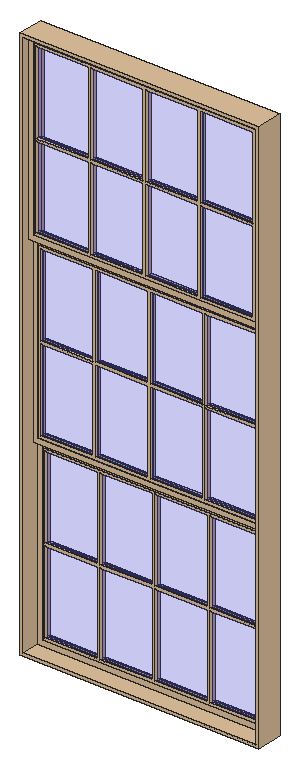
Revit family
Parameters (values of type "72" x 168"")
  Quarter Mullion = (Frame Width Int. - 0' 3 3/4") / 4  # 1' - 3 13/16"
  Mullion Thickness = 0' - 0 3/4"
  Mid Mullion = (Frame Height Int. - 0' 2 1/4") / 2  # 2' - 0 7/8"
  Frame Width Int. = (Width - 0' 5")  # 5' - 7"
  Frame Thickness = 0' - 1 3/4"
  Frame Height Int. = (Height - 1' 0") / 3  # 4' - 4"
  Assembly Code = "B2020100"
  Description = ""
  Glass Pane Material = Glass
  Height = 14' - 0"
  Sash Material = Sash
  Default Sill Height = 0' - 0"
  Wall Closure = (empty or 0)
  Width = 6' - 0"
  Window Inset = 0' - 0 3/4"
Types (4): name | Quarter Mullion | Mid Mullion | Frame Width Int. | Frame Height Int. | Height | Width
  (no name) | 1' - 3 13/16" | 2' - 0 7/8" | 5' - 7" | 4' - 4" | 14' - 0" | 6' - 0"
  72" x 168" | 1' - 3 13/16" | 2' - 0 7/8" | 5' - 7" | 4' - 4" | 14' - 0" | 6' - 0"
  96" x 192" | 1' - 9 13/16" | 2' - 4 7/8" | 7' - 7" | 5' - 0" | 16' - 0" | 8' - 0"
  48" x 120" | 0' - 9 13/16" | 1' - 8 7/8" | 3' - 7" | 3' - 8" | 12' - 0" | 4' - 0"
Reference planes (in)
  plane 1: y = 0
  plane 2: z = -0.5
  plane 3 "Center": x = 0
  plane 4 "Left": x = -36
  plane 5 "Right": x = 36
  plane 6 "Sill": z = -0.5
  plane 7 "Top": z = 168
  plane 8: y = 4
  plane 9: y = -4
  plane 10: y = 3.25
  plane 11: z = 0.75
  plane 12 "Closure": y = 0.375
  plane 13: z = 111.75
  plane 14: z = 56.25
  plane 15: z = 167.25
  plane 16: z = 0.75
  plane 17: z = 165.5
  plane 18: z = 164.75
  plane 19: z = 139.875
  plane 20: z = 139.125
  plane 21: z = 114.25
  plane 22: z = 113.5
  plane 23: z = 110
  plane 24: z = 109.25
  plane 25: z = 84.375
  plane 26: z = 83.625
  plane 27: z = 58.75
  plane 28: z = 58
  plane 29: z = 54.5
  plane 30: z = 53.75
  plane 31: z = 28.875
  plane 32: z = 28.125
  plane 33: z = 3.25
  plane 34: z = 2.5
  plane 35: x = 33.5
  plane 36: x = 32.75
  plane 37: x = 16.9375
  plane 38: x = 16.1875
  plane 39: x = 0.375
  plane 40: x = -0.375
  plane 41: x = -16.1875
  plane 42: x = -16.9375
  plane 43: x = -32.75
  plane 44: x = -33.5
  plane 45: z = 165.5
  plane 46: x = -35.25
  plane 47: x = 35.25
Forms (in)
  Extrusion 1, solid, material "Sash" <- "Sash Material"
    sketch origin (0, 0, 0) x (1, 0, 0) y (0, 0, 1)
      loop
        line (-36, 168) -> (-36, 0) -> (36, 0) -> (36, 168) -> (-36, 168)
      loop
        line (-35.25, 167.25) -> (-35.25, 0.75) -> (35.25, 0.75) -> (35.25, 167.25) -> (-35.25, 167.25)
    from -4 to 4
  Extrusion 2, solid, material "Glass" <- "Glass Pane Material"
    sketch origin (-4.9201, -3.5, 47.07393) x (1, 0, 0) y (0, 0, 1)
      loop
        line (-28.5799, 118.42607) -> (-28.5799, 66.42607) -> (38.4201, 66.42607) -> (38.4201, 118.42607) -> (-28.5799, 118.42607)
    from -2.625 to -2.125
  Extrusion 3, solid, material "Glass" <- "Glass Pane Material"
    sketch origin (-4.9201, 6.5, -25.14191) x (1, 0, 0) y (0, 0, -1)
      loop
        line (-28.5799, -135.14191) -> (38.4201, -135.14191) -> (38.4201, -83.14191) -> (-28.5799, -83.14191) -> (-28.5799, -135.14191)
    from -6.125 to -5.625
  Extrusion 4, solid, material "Glass" <- "Glass Pane Material"
    sketch origin (0, 3, 0) x (-1, 0, 0) y (0, 0, -1)
      loop
        line (-33.5, -2.5) -> (-33.5, -54.5) -> (33.5, -54.5) -> (33.5, -2.5) -> (-33.5, -2.5)
    from 0.375 to 0.875
  Extrusion 5, solid, material "Sash" <- "Sash Material"
    sketch origin (0, 6.875, -147.5342) x (-1, 0, 0) y (0, 0, 1)
      loop
        line (-33.5, 202.0342) -> (-33.5, 150.0342) -> (33.5, 150.0342) -> (33.5, 202.0342) -> (-33.5, 202.0342)
      loop
        line (-32.75, 201.2842) -> (-32.75, 176.4092) -> (-16.9375, 176.4092) -> (-16.9375, 201.2842) -> (-32.75, 201.2842)
      loop
        line (-32.75, 150.7842) -> (-16.9375, 150.7842) -> (-16.9375, 175.6592) -> (-32.75, 175.6592) -> (-32.75, 150.7842)
      loop
        line (32.75, 201.2842) -> (16.9375, 201.2842) -> (16.9375, 176.4092) -> (32.75, 176.4092) -> (32.75, 201.2842)
      loop
        line (32.75, 150.7842) -> (32.75, 175.6592) -> (16.9375, 175.6592) -> (16.9375, 150.7842) -> (32.75, 150.7842)
      loop
        line (-0.375, 150.7842) -> (-0.375, 175.6592) -> (-16.1875, 175.6592) -> (-16.1875, 150.7842) -> (-0.375, 150.7842)
      loop
        line (0.375, 150.7842) -> (16.1875, 150.7842) -> (16.1875, 175.6592) -> (0.375, 175.6592) -> (0.375, 150.7842)
      loop
        line (0.375, 201.2842) -> (0.375, 176.4092) -> (16.1875, 176.4092) -> (16.1875, 201.2842) -> (0.375, 201.2842)
      loop
        line (-16.1875, 201.2842) -> (-16.1875, 176.4092) -> (-0.375, 176.4092) -> (-0.375, 201.2842) -> (-16.1875, 201.2842)
    from -4.25 to -3.625
  Extrusion 6, solid, material "Sash" <- "Sash Material"
    sketch origin (0, 5.125, -92.0342) x (-1, 0, 0) y (0, 0, 1)
      loop
        line (-33.5, 202.0342) -> (-33.5, 150.0342) -> (33.5, 150.0342) -> (33.5, 202.0342) -> (-33.5, 202.0342)
      loop
        line (-32.75, 201.2842) -> (-32.75, 176.4092) -> (-16.9375, 176.4092) -> (-16.9375, 201.2842) -> (-32.75, 201.2842)
      loop
        line (-32.75, 150.7842) -> (-16.9375, 150.7842) -> (-16.9375, 175.6592) -> (-32.75, 175.6592) -> (-32.75, 150.7842)
      loop
        line (32.75, 201.2842) -> (16.9375, 201.2842) -> (16.9375, 176.4092) -> (32.75, 176.4092) -> (32.75, 201.2842)
      loop
        line (32.75, 150.7842) -> (32.75, 175.6592) -> (16.9375, 175.6592) -> (16.9375, 150.7842) -> (32.75, 150.7842)
      loop
        line (-0.375, 150.7842) -> (-0.375, 175.6592) -> (-16.1875, 175.6592) -> (-16.1875, 150.7842) -> (-0.375, 150.7842)
      loop
        line (0.375, 150.7842) -> (16.1875, 150.7842) -> (16.1875, 175.6592) -> (0.375, 175.6592) -> (0.375, 150.7842)
      loop
        line (0.375, 201.2842) -> (0.375, 176.4092) -> (16.1875, 176.4092) -> (16.1875, 201.2842) -> (0.375, 201.2842)
      loop
        line (-16.1875, 201.2842) -> (-16.1875, 176.4092) -> (-0.375, 176.4092) -> (-0.375, 201.2842) -> (-16.1875, 201.2842)
    from -4.25 to -3.625
  Extrusion 7, solid, material "Sash" <- "Sash Material"
    sketch origin (0, 3.375, -36.5342) x (-1, 0, 0) y (0, 0, 1)
      loop
        line (33.5, 202.0342) -> (-33.5, 202.0342) -> (-33.5, 150.0342) -> (33.5, 150.0342) -> (33.5, 202.0342)
      loop
        line (-16.9375, 201.2842) -> (-32.75, 201.2842) -> (-32.75, 176.4092) -> (-16.9375, 176.4092) -> (-16.9375, 201.2842)
      loop
        line (-0.375, 201.2842) -> (-16.1875, 201.2842) -> (-16.1875, 176.4092) -> (-0.375, 176.4092) -> (-0.375, 201.2842)
      loop
        line (0.375, 201.2842) -> (0.375, 176.4092) -> (16.1875, 176.4092) -> (16.1875, 201.2842) -> (0.375, 201.2842)
      loop
        line (16.9375, 201.2842) -> (16.9375, 176.4092) -> (32.75, 176.4092) -> (32.75, 201.2842) -> (16.9375, 201.2842)
      loop
        line (32.75, 175.6592) -> (16.9375, 175.6592) -> (16.9375, 150.7842) -> (32.75, 150.7842) -> (32.75, 175.6592)
      loop
        line (16.1875, 175.6592) -> (0.375, 175.6592) -> (0.375, 150.7842) -> (16.1875, 150.7842) -> (16.1875, 175.6592)
      loop
        line (-0.375, 175.6592) -> (-16.1875, 175.6592) -> (-16.1875, 150.7842) -> (-0.375, 150.7842) -> (-0.375, 175.6592)
      loop
        line (-16.9375, 175.6592) -> (-32.75, 175.6592) -> (-32.75, 150.7842) -> (-16.9375, 150.7842) -> (-16.9375, 175.6592)
    from -4.25 to -3.625
  Extrusion 8, solid, material "Sash" <- "Sash Material"
    sketch origin (0, -3.875, -92.0342) x (-1, 0, 0) y (0, 0, -1)
      loop
        line (-33.5, -202.0342) -> (33.5, -202.0342) -> (33.5, -150.0342) -> (-33.5, -150.0342) -> (-33.5, -202.0342)
      loop
        line (-32.75, -201.2842) -> (-16.9375, -201.2842) -> (-16.9375, -176.4092) -> (-32.75, -176.4092) -> (-32.75, -201.2842)
      loop
        line (-32.75, -150.7842) -> (-32.75, -175.6592) -> (-16.9375, -175.6592) -> (-16.9375, -150.7842) -> (-32.75, -150.7842)
      loop
        line (32.75, -201.2842) -> (32.75, -176.4092) -> (16.9375, -176.4092) -> (16.9375, -201.2842) -> (32.75, -201.2842)
      loop
        line (32.75, -150.7842) -> (16.9375, -150.7842) -> (16.9375, -175.6592) -> (32.75, -175.6592) -> (32.75, -150.7842)
      loop
        line (-0.375, -150.7842) -> (-16.1875, -150.7842) -> (-16.1875, -175.6592) -> (-0.375, -175.6592) -> (-0.375, -150.7842)
      loop
        line (0.375, -150.7842) -> (0.375, -175.6592) -> (16.1875, -175.6592) -> (16.1875, -150.7842) -> (0.375, -150.7842)
      loop
        line (0.375, -201.2842) -> (16.1875, -201.2842) -> (16.1875, -176.4092) -> (0.375, -176.4092) -> (0.375, -201.2842)
      loop
        line (-16.1875, -201.2842) -> (-0.375, -201.2842) -> (-0.375, -176.4092) -> (-16.1875, -176.4092) -> (-16.1875, -201.2842)
    from -4.25 to -3.625
  Extrusion 9, solid, material "Sash" <- "Sash Material"
    sketch origin (0, -2.125, -147.5342) x (-1, 0, 0) y (0, 0, -1)
      loop
        line (-33.5, -202.0342) -> (33.5, -202.0342) -> (33.5, -150.0342) -> (-33.5, -150.0342) -> (-33.5, -202.0342)
      loop
        line (-32.75, -201.2842) -> (-16.9375, -201.2842) -> (-16.9375, -176.4092) -> (-32.75, -176.4092) -> (-32.75, -201.2842)
      loop
        line (-32.75, -150.7842) -> (-32.75, -175.6592) -> (-16.9375, -175.6592) -> (-16.9375, -150.7842) -> (-32.75, -150.7842)
      loop
        line (32.75, -201.2842) -> (32.75, -176.4092) -> (16.9375, -176.4092) -> (16.9375, -201.2842) -> (32.75, -201.2842)
      loop
        line (32.75, -150.7842) -> (16.9375, -150.7842) -> (16.9375, -175.6592) -> (32.75, -175.6592) -> (32.75, -150.7842)
      loop
        line (-0.375, -150.7842) -> (-16.1875, -150.7842) -> (-16.1875, -175.6592) -> (-0.375, -175.6592) -> (-0.375, -150.7842)
      loop
        line (0.375, -150.7842) -> (0.375, -175.6592) -> (16.1875, -175.6592) -> (16.1875, -150.7842) -> (0.375, -150.7842)
      loop
        line (0.375, -201.2842) -> (16.1875, -201.2842) -> (16.1875, -176.4092) -> (0.375, -176.4092) -> (0.375, -201.2842)
      loop
        line (-16.1875, -201.2842) -> (-0.375, -201.2842) -> (-0.375, -176.4092) -> (-16.1875, -176.4092) -> (-16.1875, -201.2842)
    from -4.25 to -3.625
  Extrusion 10, solid, material "Sash" <- "Sash Material"
    sketch origin (0, -5.625, -36.5342) x (-1, 0, 0) y (0, 0, -1)
      loop
        line (33.5, -202.0342) -> (33.5, -150.0342) -> (-33.5, -150.0342) -> (-33.5, -202.0342) -> (33.5, -202.0342)
      loop
        line (-16.9375, -201.2842) -> (-16.9375, -176.4092) -> (-32.75, -176.4092) -> (-32.75, -201.2842) -> (-16.9375, -201.2842)
      loop
        line (-0.375, -201.2842) -> (-0.375, -176.4092) -> (-16.1875, -176.4092) -> (-16.1875, -201.2842) -> (-0.375, -201.2842)
      loop
        line (0.375, -201.2842) -> (16.1875, -201.2842) -> (16.1875, -176.4092) -> (0.375, -176.4092) -> (0.375, -201.2842)
      loop
        line (16.9375, -201.2842) -> (32.75, -201.2842) -> (32.75, -176.4092) -> (16.9375, -176.4092) -> (16.9375, -201.2842)
      loop
        line (32.75, -175.6592) -> (32.75, -150.7842) -> (16.9375, -150.7842) -> (16.9375, -175.6592) -> (32.75, -175.6592)
      loop
        line (16.1875, -175.6592) -> (16.1875, -150.7842) -> (0.375, -150.7842) -> (0.375, -175.6592) -> (16.1875, -175.6592)
      loop
        line (-0.375, -175.6592) -> (-0.375, -150.7842) -> (-16.1875, -150.7842) -> (-16.1875, -175.6592) -> (-0.375, -175.6592)
      loop
        line (-16.9375, -175.6592) -> (-16.9375, -150.7842) -> (-32.75, -150.7842) -> (-32.75, -175.6592) -> (-16.9375, -175.6592)
    from -4.25 to -3.625
  Extrusion 11, solid, material "Sash" <- "Sash Material"
    sketch origin (-60, 4, 0) x (-1, 0, 0) y (0, 0, 1)
      loop
        line (-95.25, 56.25) -> (-95.25, 0.75) -> (-24.75, 0.75) -> (-24.75, 56.25) -> (-95.25, 56.25)
      loop
        line (-93.5, 54.5) -> (-93.5, 2.5) -> (-26.5, 2.5) -> (-26.5, 54.5) -> (-93.5, 54.5)
    from -2.5 to -0.75
  Extrusion 12, solid, material "Sash" <- "Sash Material"
    sketch origin (-60, 4, 0) x (-1, 0, 0) y (0, 0, 1)
      loop
        line (-95.25, 111.75) -> (-95.25, 56.25) -> (-24.75, 56.25) -> (-24.75, 111.75) -> (-95.25, 111.75)
      loop
        line (-93.5, 110) -> (-93.5, 58) -> (-26.5, 58) -> (-26.5, 110) -> (-93.5, 110)
    from -4.25 to -2.5
  Extrusion 13, solid, material "Sash" <- "Sash Material"
    sketch origin (-60, 4, 0) x (-1, 0, 0) y (0, 0, 1)
      loop
        line (-95.25, 167.25) -> (-95.25, 111.75) -> (-24.75, 111.75) -> (-24.75, 167.25) -> (-95.25, 167.25)
      loop
        line (-93.5, 165.5) -> (-93.5, 113.5) -> (-26.5, 113.5) -> (-26.5, 165.5) -> (-93.5, 165.5)
    from -6 to -4.25
Lines and regions (in)
  Opening 1
    outline origin (-60, -4, 0) x (1, 0, 0) y (0, 0, 1)
      loop
        line (24, 168) -> (24, -0.5) -> (96, -0.5) -> (96, 168) -> (24, 168)
  symbolic lines, style "WindowsFrameMullionProjection"
    curve 1: line (-36, 4, 0) -> (-35.25, 4, 0)
    curve 2: line (-35.25, -4, 0) -> (-35.25, 4, 0)
    curve 3: line (-35.25, -4, 0) -> (-34.75, -4, 0)
    curve 4: line (-34.75, -4, 0) -> (-34.75, -4, 0)
    curve 5: line (36, 4, 0) -> (35.25, 4, 0)
    curve 6: line (34.75, -4, 0) -> (34.75, -4, 0)
    curve 7: line (34.75, -4, 0) -> (35.25, -4, 0)
    curve 8: line (35.25, -4, 0) -> (35.25, 4, 0)
    curve 9: line (-35.25, 1.5, 0) -> (-33.5, 1.5, 0)
    curve 10: line (-35.25, 1.5, 0) -> (-35.25, -4, 0)
    curve 11: line (-35.25, -4, 0) -> (-33.5, -4, 0)
    curve 12: line (-33.5, 1.5, 0) -> (-33.5, -4, 0)
    curve 13: line (35.25, 1.5, 0) -> (33.5, 1.5, 0)
    curve 14: line (35.25, 1.5, 0) -> (35.25, -4, 0)
    curve 15: line (35.25, -4, 0) -> (33.5, -4, 0)
    curve 16: line (33.5, 1.5, 0) -> (33.5, -4, 0)
    curve 18: line (-34.75, -4, 0) -> (-36, -4, 0)
    curve 19: line (34.75, -4, 0) -> (36, -4, 0)
  symbolic lines, style "WindowsGlassProjection"
    curve 17: line (-33.5, 0.625, 0) -> (33.5, 0.625, 0)
Text (in)
  text "EXTERIOR" at (-56.58296, 46.14847, 0), in view "Floor Line"
  text "INTERIOR" at (-58.6888, -38.28069, 0), in view "Floor Line"
  text "Exterior" at (0, 60.6435, 112.49765), in view "Left"
  text "Exterior" at (0, 18.29385, 125.04747), in view "Right"
Dimensions and locks (in)
  equal spacing: plane 4 "Left", plane 3 "Center", plane 5 "Right"
  "Width": plane 4 "Left" to plane 5 "Right"
  "Window Inset": plane 8 to plane 10
  locked: plane 11 to plane 6 "Sill" at 1.25
  locked: plane 10 to plane 12 "Closure" at 2.875
  locked: Extrusion 4 to Extrusion 4 at 0.5
  equal spacing: plane 16, plane 14, plane 13, plane 15
  "Mullion Thickness": plane 18 to plane 17
  "Mullion Thickness": plane 20 to plane 19
  "Mullion Thickness": plane 22 to plane 21
  "Mullion Thickness": plane 24 to plane 23
  "Mullion Thickness": plane 26 to plane 25
  "Mullion Thickness": plane 28 to plane 27
  "Mullion Thickness": plane 30 to plane 29
  "Mullion Thickness": plane 32 to plane 31
  "Mullion Thickness": plane 34 to plane 33
  "Mullion Thickness": plane 35 to plane 36
  "Mullion Thickness": plane 37 to plane 38
  "Mullion Thickness": plane 39 to plane 40
  "Mullion Thickness": plane 41 to plane 42
  "Mullion Thickness": plane 43 to plane 44
  "Frame Height Int.": plane 22 to plane 17
  "Frame Height Int.": plane 28 to plane 23
  "Mid Mullion": plane 27 to plane 26
  "Frame Thickness": plane 45 to plane 15
  "Frame Thickness": plane 47 to plane 35
  "Frame Thickness": plane 44 to plane 46
  "Frame Height Int.": plane 34 to plane 29
  "Mid Mullion": plane 21 to plane 20
  "Mid Mullion": plane 33 to plane 32
  "Quarter Mullion": plane 36 to plane 37
  "Quarter Mullion": plane 38 to plane 39
  "Quarter Mullion": plane 40 to plane 41
  "Frame Width Int.": plane 35 to plane 44
  equal spacing: plane 46, plane 3 "Center", plane 47
  "Frame Thickness": plane 13 to plane 22
  "Frame Thickness": plane 23 to plane 13
  "Frame Thickness": plane 14 to plane 28
  "Frame Thickness": plane 29 to plane 14
  "Frame Thickness": plane 11 to plane 34
  "Height": level to plane 7 "Top"
  aligned and locked: plane 7 "Top" to Opening 1 sketch curve
  aligned and locked: plane 6 "Sill" to Opening 1 sketch curve  (x2)
  aligned and locked: Opening 1 sketch curve to plane 5 "Right"
  aligned and locked: Opening 1 sketch curve to plane 4 "Left"
  aligned and locked: plane 9 to host wall
  aligned and locked: host wall to plane 8
  aligned and locked: host wall to Extrusion 1
  aligned and locked: curve 5 to Extrusion 1  (x2)
  aligned and locked: Extrusion 1 to curve 11
  aligned and locked: Extrusion 1 to curve 7
  aligned and locked: plane 18 to Extrusion 7 sketch curve  (x2)
  aligned and locked: Extrusion 7 sketch curve to plane 18
  aligned and locked: Extrusion 7 sketch curve to Extrusion 7 sketch curve
  aligned and locked: Extrusion 7 sketch curve to plane 19  (x4)
  aligned and locked: plane 20 to Extrusion 7 sketch curve  (x4)
  aligned and locked: Extrusion 7 sketch curve to plane 21  (x4)
  aligned and locked: plane 36 to Extrusion 7 sketch curve  (x2)
  aligned and locked: plane 37 to Extrusion 7 sketch curve
  aligned and locked: Extrusion 7 sketch curve to plane 37
  aligned and locked: plane 38 to Extrusion 7 sketch curve  (x2)
  aligned and locked: plane 39 to Extrusion 7 sketch curve  (x2)
  aligned and locked: plane 40 to Extrusion 7 sketch curve
  aligned and locked: Extrusion 7 sketch curve to plane 40
  aligned and locked: plane 41 to Extrusion 7 sketch curve  (x2)
  aligned and locked: plane 42 to Extrusion 7 sketch curve  (x2)
  aligned and locked: plane 43 to Extrusion 7 sketch curve  (x2)
  aligned and locked: Extrusion 10 sketch curve to Extrusion 10 sketch curve
  aligned and locked: plane 14 to Extrusion 11 sketch curve
  aligned and locked: Extrusion 1 to Extrusion 11 sketch curve
  aligned and locked: Extrusion 11 sketch curve to Extrusion 1  (x2)
  aligned and locked: Extrusion 11 sketch curve to plane 29
  aligned and locked: Extrusion 11 sketch curve to Extrusion 4  (x3)
  aligned and locked: plane 13 to Extrusion 12 sketch curve
  aligned and locked: Extrusion 1 to Extrusion 12 sketch curve
  aligned and locked: Extrusion 12 sketch curve to Extrusion 11  (x2)
  aligned and locked: Extrusion 12 sketch curve to plane 23
  aligned and locked: Extrusion 12 sketch curve to Extrusion 3  (x3)
  aligned and locked: Extrusion 13 sketch curve to Extrusion 1  (x2)
  aligned and locked: Extrusion 13 sketch curve to Extrusion 12  (x2)
  aligned and locked: Extrusion 13 sketch curve to plane 17
  aligned and locked: Extrusion 13 sketch curve to Extrusion 2  (x3)
Automatic sketch dimensions
  Extrusion 1 sketch curve to level = 0' - 0"
  Extrusion 1 sketch curve to plane 4 "Left" = 0' - 0"
  Extrusion 1 sketch curve to plane 16 = 0' - 0"
  Extrusion 1 sketch curve to plane 15 = 0' - 0"
  Extrusion 1 sketch curve to plane 5 "Right" = 0' - 0"
  Extrusion 1 sketch curve to plane 7 "Top" = 0' - 0"
  Extrusion 3 sketch curve to plane 44 = 0' - 0"
  Extrusion 3 sketch curve to plane 35 = 0' - 0"
  Extrusion 5 sketch curve to plane 34 = 0' - 0"
  Extrusion 5 sketch curve to plane 35 = 0' - 0"
  Extrusion 5 sketch curve to plane 32 = 0' - 0"  (x4)
  Extrusion 5 sketch curve to plane 36 = 0' - 0"  (x2)
  Extrusion 5 sketch curve to plane 31 = 0' - 0"  (x4)
  Extrusion 5 sketch curve to plane 30 = 0' - 0"  (x4)
  Extrusion 5 sketch curve to plane 37 = 0' - 0"  (x2)
  Extrusion 5 sketch curve to plane 33 = 0' - 0"  (x4)
  Extrusion 5 sketch curve to plane 38 = 0' - 0"  (x2)
  Extrusion 5 sketch curve to plane 39 = 0' - 0"  (x2)
  Extrusion 5 sketch curve to plane 40 = 0' - 0"  (x2)
  Extrusion 5 sketch curve to plane 41 = 0' - 0"  (x2)
  Extrusion 5 sketch curve to plane 42 = 0' - 0"  (x2)
  Extrusion 5 sketch curve to plane 43 = 0' - 0"  (x2)
  Extrusion 5 sketch curve to plane 44 = 0' - 0"
  Extrusion 5 sketch curve to plane 29 = 0' - 0"
  Extrusion 6 sketch curve to plane 28 = 0' - 0"
  Extrusion 6 sketch curve to plane 35 = 0' - 0"
  Extrusion 6 sketch curve to plane 26 = 0' - 0"  (x4)
  Extrusion 6 sketch curve to plane 36 = 0' - 0"  (x2)
  Extrusion 6 sketch curve to plane 25 = 0' - 0"  (x4)
  Extrusion 6 sketch curve to plane 24 = 0' - 0"  (x4)
  Extrusion 6 sketch curve to plane 37 = 0' - 0"  (x2)
  Extrusion 6 sketch curve to plane 27 = 0' - 0"  (x4)
  Extrusion 6 sketch curve to plane 38 = 0' - 0"  (x2)
  Extrusion 6 sketch curve to plane 39 = 0' - 0"  (x2)
  Extrusion 6 sketch curve to plane 40 = 0' - 0"  (x2)
  Extrusion 6 sketch curve to plane 41 = 0' - 0"  (x2)
  Extrusion 6 sketch curve to plane 42 = 0' - 0"  (x2)
  Extrusion 6 sketch curve to plane 43 = 0' - 0"  (x2)
  Extrusion 6 sketch curve to plane 44 = 0' - 0"
  Extrusion 6 sketch curve to plane 23 = 0' - 0"
  Extrusion 7 sketch curve to plane 41 = 0' - 0"
  Extrusion 8 sketch curve to plane 28 = 0' - 0"
  Extrusion 8 sketch curve to plane 35 = 0' - 0"
  Extrusion 8 sketch curve to plane 26 = 0' - 0"  (x4)
  Extrusion 8 sketch curve to plane 36 = 0' - 0"  (x2)
  Extrusion 8 sketch curve to plane 25 = 0' - 0"  (x4)
  Extrusion 8 sketch curve to plane 24 = 0' - 0"  (x4)
  Extrusion 8 sketch curve to plane 37 = 0' - 0"  (x2)
  Extrusion 8 sketch curve to plane 27 = 0' - 0"  (x4)
  Extrusion 8 sketch curve to plane 38 = 0' - 0"  (x2)
  Extrusion 8 sketch curve to plane 39 = 0' - 0"  (x2)
  Extrusion 8 sketch curve to plane 40 = 0' - 0"  (x2)
  Extrusion 8 sketch curve to plane 41 = 0' - 0"  (x2)
  Extrusion 8 sketch curve to plane 42 = 0' - 0"  (x2)
  Extrusion 8 sketch curve to plane 43 = 0' - 0"  (x2)
  Extrusion 8 sketch curve to plane 44 = 0' - 0"
  Extrusion 8 sketch curve to plane 23 = 0' - 0"
  Extrusion 9 sketch curve to plane 34 = 0' - 0"
  Extrusion 9 sketch curve to plane 35 = 0' - 0"
  Extrusion 9 sketch curve to plane 32 = 0' - 0"  (x4)
  Extrusion 9 sketch curve to plane 36 = 0' - 0"  (x2)
  Extrusion 9 sketch curve to plane 31 = 0' - 0"  (x4)
  Extrusion 9 sketch curve to plane 30 = 0' - 0"  (x4)
  Extrusion 9 sketch curve to plane 37 = 0' - 0"  (x2)
  Extrusion 9 sketch curve to plane 33 = 0' - 0"  (x4)
  Extrusion 9 sketch curve to plane 38 = 0' - 0"  (x2)
  Extrusion 9 sketch curve to plane 39 = 0' - 0"  (x2)
  Extrusion 9 sketch curve to plane 40 = 0' - 0"  (x2)
  Extrusion 9 sketch curve to plane 41 = 0' - 0"  (x2)
  Extrusion 9 sketch curve to plane 42 = 0' - 0"  (x2)
  Extrusion 9 sketch curve to plane 43 = 0' - 0"  (x2)
  Extrusion 9 sketch curve to plane 44 = 0' - 0"
  Extrusion 9 sketch curve to plane 29 = 0' - 0"
  Extrusion 10 sketch curve to plane 17 = 0' - 0"
  Extrusion 10 sketch curve to plane 35 = 0' - 0"
  Extrusion 10 sketch curve to plane 18 = 0' - 0"  (x3)
  Extrusion 10 sketch curve to plane 36 = 0' - 0"  (x2)
  Extrusion 10 sketch curve to plane 20 = 0' - 0"  (x4)
  Extrusion 10 sketch curve to plane 21 = 0' - 0"  (x4)
  Extrusion 10 sketch curve to plane 37 = 0' - 0"  (x2)
  Extrusion 10 sketch curve to plane 19 = 0' - 0"  (x4)
  Extrusion 10 sketch curve to plane 38 = 0' - 0"  (x2)
  Extrusion 10 sketch curve to plane 39 = 0' - 0"  (x2)
  Extrusion 10 sketch curve to plane 40 = 0' - 0"  (x2)
  Extrusion 10 sketch curve to plane 41 = 0' - 0"  (x3)
  Extrusion 10 sketch curve to plane 42 = 0' - 0"  (x2)
  Extrusion 10 sketch curve to plane 43 = 0' - 0"  (x2)
  Extrusion 10 sketch curve to plane 44 = 0' - 0"
  Extrusion 10 sketch curve to plane 22 = 0' - 0"
  Extrusion 1 sketch curve to plane 4 "Left" = 0' - 0 3/4"
  plane 5 "Right" to Extrusion 1 sketch curve = 0' - 0 3/4"
  curve 18 to host wall = 0' - 0"
  curve 18 to plane 4 "Left" = 0' - 0"
  curve 1 to host wall = 0' - 0"
  curve 1 to plane 4 "Left" = 0' - 0"
  curve 2 to plane 46 = 0' - 0"
  curve 11 to plane 44 = 0' - 0"
  curve 13 to plane 35 = 0' - 0"
  curve 6 to host wall = 0' - 0"
  curve 14 to plane 47 = 0' - 0"
  curve 19 to plane 5 "Right" = 0' - 0"
  curve 3 to plane 46 = 0' - 0 1/2"
  curve 18 to curve 3 = 0' - 0"
  curve 7 to curve 7 = 0' - 0 1/2"
  curve 6 to curve 6 = 0' - 0"
  curve 17 to plane 12 "Closure" = 0' - 0 1/4"
  curve 17 to curve 13 = 0' - 0 7/8"
  curve 17 to curve 9 = 0' - 0 7/8"
  Extrusion 4 sketch curve to plane 44 = 0' - 0"
  Extrusion 2 sketch curve to plane 22 = 0' - 0"
  Extrusion 2 sketch curve to plane 44 = 0' - 0"
  Extrusion 2 sketch curve to plane 35 = 0' - 0"
  Extrusion 2 sketch curve to plane 17 = 0' - 0"
  Extrusion 7 sketch curve to plane 17 = 0' - 0"
  Extrusion 7 sketch curve to plane 35 = 0' - 0"
  Extrusion 7 sketch curve to plane 44 = 0' - 0"
  Extrusion 7 sketch curve to plane 22 = 0' - 0"
  Extrusion 3 sketch curve to plane 23 = 0' - 0"
  Extrusion 3 sketch curve to plane 28 = 0' - 0"
  Extrusion 4 sketch curve to plane 29 = 0' - 0"
  Extrusion 4 sketch curve to plane 35 = 0' - 0"
  Extrusion 4 sketch curve to plane 34 = 0' - 0"
